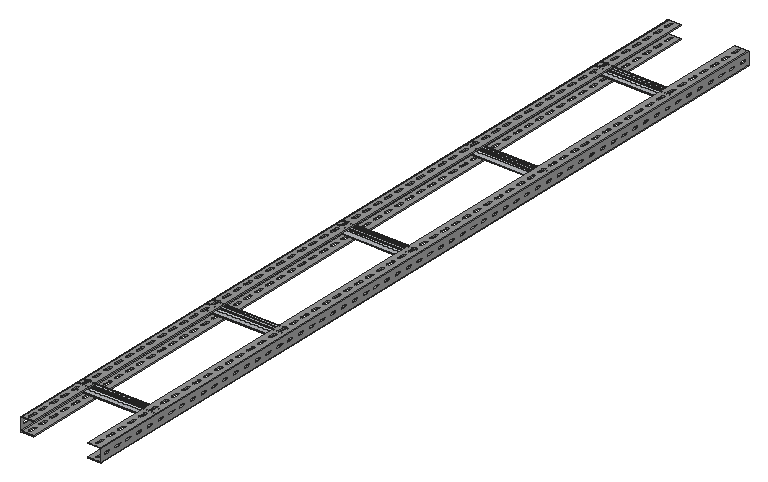
Revit family "steigeleiter_3_FT_FTSO_FTK_A2_A4.300rfa", category Generic Models, Revit 2017 (continued)
Automatic sketch dimensions
  Extrusion 363 sketch curve to Extrusion 363 sketch curve = 0.099 mm
  Extrusion 363 sketch curve to Extrusion 363 sketch curve = 2 mm  (x2)
  Extrusion 363 sketch curve to Extrusion 363 sketch curve = 4 mm
  Extrusion 363 sketch curve to Extrusion 363 sketch curve = 1 mm
  Extrusion 363 sketch curve to Extrusion 363 sketch curve = 0.992 mm
  Extrusion 363 sketch curve to Extrusion 363 sketch curve = 5.131 mm
  Extrusion 363 sketch curve to Extrusion 363 sketch curve = 4.134 mm
  Extrusion 363 sketch curve to Extrusion 363 sketch curve = 1.5 mm
  Extrusion 363 sketch curve to Extrusion 363 sketch curve = 1.416 mm
  Extrusion 363 sketch curve to Extrusion 363 sketch curve = 17.988 mm
  Extrusion 363 sketch curve to Extrusion 363 sketch curve = 1.985 mm
  Extrusion 363 sketch curve to Extrusion 363 sketch curve = 12.959 mm
  Extrusion 363 sketch curve to Extrusion 363 sketch curve = 12.879 mm
  Extrusion 364 sketch curve to Extrusion 364 sketch curve = 0.079 mm
  Extrusion 364 sketch curve to Extrusion 364 sketch curve = 0 mm  (x10)
  Extrusion 364 sketch curve to Extrusion 364 sketch curve = 0.02 mm  (x2)
  Extrusion 364 sketch curve to Extrusion 364 sketch curve = 0.099 mm
  Extrusion 364 sketch curve to Extrusion 364 sketch curve = 2 mm  (x2)
  Extrusion 364 sketch curve to Extrusion 364 sketch curve = 4 mm
  Extrusion 364 sketch curve to Extrusion 364 sketch curve = 1 mm
  Extrusion 364 sketch curve to Extrusion 364 sketch curve = 0.992 mm
  Extrusion 364 sketch curve to Extrusion 364 sketch curve = 5.131 mm
  Extrusion 364 sketch curve to Extrusion 364 sketch curve = 4.134 mm
  Extrusion 364 sketch curve to Extrusion 364 sketch curve = 1.5 mm
  Extrusion 364 sketch curve to Extrusion 364 sketch curve = 1.416 mm
  Extrusion 364 sketch curve to Extrusion 364 sketch curve = 17.988 mm
  Extrusion 364 sketch curve to Extrusion 364 sketch curve = 1.985 mm
  Extrusion 364 sketch curve to Extrusion 364 sketch curve = 12.959 mm
  Extrusion 364 sketch curve to Extrusion 364 sketch curve = 12.879 mm
  Extrusion 365 sketch curve to Extrusion 365 sketch curve = 0.079 mm
  Extrusion 365 sketch curve to Extrusion 365 sketch curve = 0 mm  (x10)
  Extrusion 365 sketch curve to Extrusion 365 sketch curve = 0.02 mm  (x2)
  Extrusion 365 sketch curve to Extrusion 365 sketch curve = 0.099 mm
  Extrusion 365 sketch curve to Extrusion 365 sketch curve = 2 mm  (x2)
  Extrusion 365 sketch curve to Extrusion 365 sketch curve = 4 mm
  Extrusion 365 sketch curve to Extrusion 365 sketch curve = 1 mm
  Extrusion 365 sketch curve to Extrusion 365 sketch curve = 0.992 mm
  Extrusion 365 sketch curve to Extrusion 365 sketch curve = 5.131 mm
  Extrusion 365 sketch curve to Extrusion 365 sketch curve = 4.134 mm
  Extrusion 365 sketch curve to Extrusion 365 sketch curve = 1.5 mm
  Extrusion 365 sketch curve to Extrusion 365 sketch curve = 1.416 mm
  Extrusion 365 sketch curve to Extrusion 365 sketch curve = 17.988 mm
  Extrusion 365 sketch curve to Extrusion 365 sketch curve = 1.985 mm
  Extrusion 365 sketch curve to Extrusion 365 sketch curve = 12.959 mm
  Extrusion 365 sketch curve to Extrusion 365 sketch curve = 12.879 mm
  Extrusion 366 sketch curve to Extrusion 366 sketch curve = 0.079 mm
  Extrusion 366 sketch curve to Extrusion 366 sketch curve = 0 mm  (x10)
  Extrusion 366 sketch curve to Extrusion 366 sketch curve = 0.02 mm  (x2)
  Extrusion 366 sketch curve to Extrusion 366 sketch curve = 0.099 mm
  Extrusion 366 sketch curve to Extrusion 366 sketch curve = 2 mm  (x2)
  Extrusion 366 sketch curve to Extrusion 366 sketch curve = 4 mm
  Extrusion 366 sketch curve to Extrusion 366 sketch curve = 1 mm
  Extrusion 366 sketch curve to Extrusion 366 sketch curve = 0.992 mm
  Extrusion 366 sketch curve to Extrusion 366 sketch curve = 5.131 mm
  Extrusion 366 sketch curve to Extrusion 366 sketch curve = 4.134 mm
  Extrusion 366 sketch curve to Extrusion 366 sketch curve = 1.5 mm
  Extrusion 366 sketch curve to Extrusion 366 sketch curve = 1.416 mm
  Extrusion 366 sketch curve to Extrusion 366 sketch curve = 17.988 mm
  Extrusion 366 sketch curve to Extrusion 366 sketch curve = 1.985 mm
  Extrusion 366 sketch curve to Extrusion 366 sketch curve = 12.959 mm
  Extrusion 366 sketch curve to Extrusion 366 sketch curve = 12.879 mm
Types (3, lengths in mm): name | Material | Manufacturer Art.No. | GTIN | Article Type
  (no name) | Polyester / Epoxid | "6010570" | "4012196691326" | "SLM50C40 3FTK RW"
  SLM 50 C40 3 FT | Hot-dip galvanised | "6010474" | "4012196146178" | "SLM 50 C40 3 FT"
  SLM50C40 3FTK RW | Polyester / Epoxid | "6010570" | "4012196691326" | "SLM50C40 3FTK RW"
